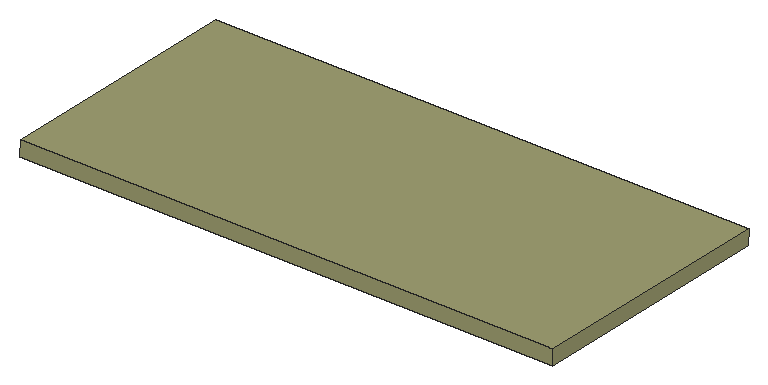
Revit family "Ecowool Classic Blanket R1.1", category Generic Models, host Face, Revit 2020
Family settings
  Host = Face
  Can host rebar = No
  Round Connector Dimension = Use Diameter
  Part Type = Normal
  Cut with Voids When Loaded = No
  Shared = No
  Room Calculation Point = No
Parameters (values of type "EWBL 1.10 (50mm)")
  Width [instance] = 800 mm
  URL = "www.ecowool.com.my"
  Type of Insulation = "Glass Mineral Wool Blanket"
  Thermal R value = 1.1
  Thermal K value = 0.0446
  Remarks = ""
  Material Specification = ""
  Manufacturer = "PGF Insulation Sdn. Bhd."
  Insulation Thickness = 50 mm
  Length(mm) [instance] = 1740 mm
  Finish = Brownie Blanket
  ECOWOOL Product thickness in mm = ""
  Description = "ECOWOOL Brownie blanket and slabs are resilient, non-combustible, glass mineral wool products, supplied at roofing and walling application for residential and commercial building"
  Density = 10.00 kg/m³
  Default Elevation = 1219.2 mm
Reference planes
  plane 1 "Center (Front/Back)": y = 0
  plane 2: z = 0
  plane 3 "Center (Left/Right)": x = 0
  plane 4: x = 1740
  plane 5: y = -400
  plane 6: y = 400
Forms (mm)
  Sweep 1, solid, material "Brownie Blanket" <- "Finish"
    path origin (0, 0, 0) x (1, 0, 0) y (0, 1, 0)
      loop
        line (0, 0) -> (1740, 0)
    profile origin (870, 0, 0) x (0, 1, 0) y (0, 0, 1)
      loop
        line (-400, 50) -> (-400, 0) -> (400, 0) -> (400, 50) -> (-400, 50)
Lines and regions (mm)
  reference lines
    curve 1: line (0, 0, 0) -> (1740, 0, 0)
Dimensions and locks
  "Width": plane 5 to plane 6
  equal spacing: plane 5, plane 1 "Center (Front/Back)", plane 6
  "Length(mm)": plane 3 "Center (Left/Right)" to plane 4
  "Insulation Thickness": host face to Sweep 1 sketch curve
  aligned and locked: plane 2 to host face
  aligned and locked: level to host face
  aligned and locked: plane 3 "Center (Left/Right)" to curve 1
  aligned and locked: plane 4 to curve 1
  aligned and locked: plane 3 "Center (Left/Right)" to Sweep 1 sketch curve
  aligned and locked: plane 4 to Sweep 1 sketch curve
  aligned and locked: level to Sweep 1 sketch curve
  aligned and locked: plane 6 to Sweep 1 sketch curve
  aligned and locked: Sweep 1 sketch curve to plane 5
Automatic sketch dimensions
  host sketch curve to host sketch curve = 1616.306 mm
  host sketch curve to host sketch curve = 2438.4 mm
  plane 1 "Center (Front/Back)" to curve 1 = 0 mm
  plane 1 "Center (Front/Back)" to Sweep 1 sketch curve = 0 mm
